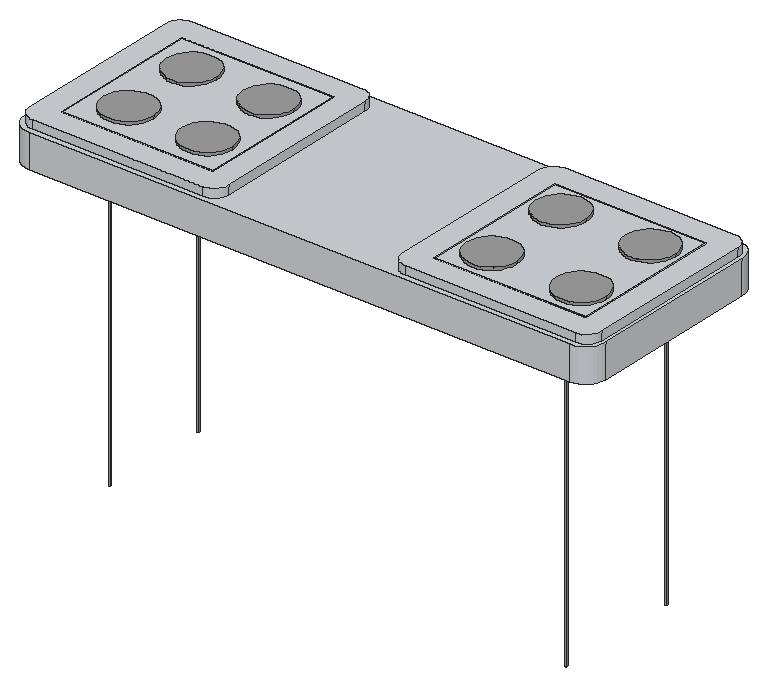
Revit family "Lighting-Industrial-GEWISS-SMART[4]HLO_HIGHBAYS-LED_2M", category Apparecchi per illuminazione, Revit 2019
Family settings
  Quota connettore circolare = Usa diametro
  Tipo di parte = Normale
  Numero OmniClass = 23.80.70.00
  Titolo OmniClass = Lighting
  Basato su piano di lavoro = Sì
  Sempre verticale = No
  Taglio con vuoti quando caricato = No
  Sorgente d'illuminazione = No
  Condiviso = No
  Punto di calcolo locali = No
Parameters (values of type "GWS4222BQ857 - SMART4HB 2M C.PAS.ON/OFF HLO ELL.57K")
  Wiring = "With GW connect watertight connector"
  Weight (kg): = "6,5"
  Warranty = "5 years"
  Voltaggio = 230 V
  Version file RFA = "20.11"
  Unique digital code (Datamatrix) = "Datamatrix"
  Unified Glare Rating = "-"
  URL = "https://www.gewiss.com/ww/en"
  Type of light source = "LED - Not replaceable"
  Tilt- = "With bracket accessory"
  Technical sheet = "https://www.gewiss.com/ww/en/search?q=GWS4222BQ857"
  System power = "125W"
  Supply voltage = "220 - 240 V"
  Stocking temperature = "-40 +70 °C"
  Standards and approvals = "-"
  Standard- = "EN 60598-1 ; EN 60598-2-1 ; EN 60598-2-24"
  Standard Deviation Colour Matching = "SDCM = 3"
  Spostamento_y_etichetta [instance] = 0 mm
  Spostamento_y_effettivo_etichetta [instance] = 1500 mm - Spostamento_y_etichetta  # 1500 mm
  Spostamento_x_etichetta [instance] = 0 mm
  Spostamento_X_effettivo_etichetta [instance] = 1500 mm - Spostamento_x_etichetta  # 1500 mm
  Shock resistance = "IK08"
  Shield type = "Tempered glass Thickness 4mm"
  SEO = "High bay"
  Realized by GEWISS S.p.A. = ""
  Rated frequency (Hz) = "50/60 Hz"
  Produttore = "GEWISS S.p.A."
  Photobiological Risk Class = "RG0"
  Overvoltage protection = "DM 6kV / CM 6kV"
  Optic and illuminating features = "-"
  Optic Maintenance = "Non-replaceable"
  Optic : = "Metallic PC reflector and PMMA lenses"
  Optic = "Elliptical"
  Operating temperature : = "-30°C ÷ +50 °C"
  Offset etichetta W [instance] = 150 mm
  Mouting and installation = "Ceiling - Wallmounting - Suspension"
  Modello = "GWS4222BQ857"
  Maximum surface exposed to the wind : = "0,184 m²"
  Materials = "-"
  Luminaire = "LED Industrial Reflector "
  Lumen output (lm) = "16000"
  Locking Hook = "-"
  Lifetime = "L90B10 (Tq+25°C) = 70.000 h - L90B10 (Tq+50°C) = 35.000 h"
  Lampada = "LED"
  LED Maintenance = "Non-replaceable"
  Insulation class = "I"
  Installationa and maintenance = "-"
  Immagine tipo = GWL1311.jpg
  IPEA = "-"
  IP degree = "IP66"
  IFC.TypeObject = ""
  IFC.ExportType = ""
  IFC.ExportAs = ""
  IDT = "d6c0a54b56be4af78e01cdd4bdcb8af8"
  IDF = "87744efe-63fb-4f16-8ca3-e5681c99f1f6"
  Glow Wire Test : = "850 °C"
  General information = "-"
  Gasket = "anti-aging silicone"
  Fixing = "-"
  External screw = "Stainless steel"
  Etichetta wattaggio [instance] = yes
  Trasformatore = none
  Struttura plafoniera = none
  Spessore plafoniera = 40 mm  # constant formula
  Default Elevation = 1219.2 mm  # constant formula
  Proiettsmart2_simb [instance] = yes
  Plafoniera bidimensionale [instance] = not(Proiettsmart2_simb)  # no
  Eletrical and lighting features = "-"
  Electrocod = "2444"
  Efficiency (lm/W) = "128"
  Driver Box = "Built-in"
  Driver = "Included"
  Device with reduced surface temperature = "Yes"
  Descrizione = "SMART[4]HB 2M C.PAS.ON/OFF HLO ELL.57K"
  DIN 18032-3 certification = "With Bracket - Rope Kit + terminal&nbsp;(in approval)"
  Control System : = "ON / OFF"
  Control System = "ON / OFF"
  Context = "Lighting for industries and sports facilities"
  Commenti sul wattaggio = "97W"
  Colour temperature = "5700K"
  Colour : = "Grey RAL 7035"
  Colour = "Grey RAL 7035"
  Color Rendering Index = "CRI-80"
  Classificazione = Lighting
  Classification: = "-"
  Catalogue = "LIGHTING"
  Carico apparente = 97 VA
  Motore = none
  Mascherina = none
  Lunghezza = 699 mm  # constant formula
  Larghezza = 254 mm  # constant formula
  Distanza_tot_plafoniera [instance] = 350 mm
  Dist_sorg_lum = 10 mm  # constant formula
  COBie.Tagnumber = ""
  COBie.CreatedOn = ""
  COBie.CreatebBy = ""
  COBie.ComponentRegisterItemID = ""
  COBie.Component.TagNumber = ""
  COBie.Component.Space = ""
  COBie.Component.SerialNumber = ""
  COBie.Component.InstallationDate = ""
  COBie.Component.Description = ""
  COBie.Component.BarCode = ""
  Body = "PA6 \"Halogen Free\" loaded fibreglass"
  Application = "Internal"
Types (36, lengths in mm): name | Unified Glare Rating | Technical sheet | SEO | Optic : | Optic | Modello | Lumen output (lm) | IDT | Efficiency (lm/W) | Descrizione | Colour temperature
  GWS4220BA830 - SMART4HB 2M ST.AL.ON/OFF HLO ARR.30K | "-" | "https://www.gewiss.com/ww/en/search?q=GWS4220BA830" | "" | "Metallized polycarbonate reflector" | "Array" | "GWS4220BA830" | "17200" | "24d03d014c0a4d3498f1affdcbeda462" | "138" | "SMART[4]HB 2M ST.AL.ON/OFF HLO ARR.30K" | "3000K"
  GWS4220BA840 - SMART4HB 2M ST.AL.ON/OFF HLO ARR.40K | "-" | "https://www.gewiss.com/ww/en/search?q=GWS4220BA840" | "" | "Metallized polycarbonate reflector" | "Array" | "GWS4220BA840" | "18000" | "81e8a863ca61499da3269fac4440ab1c" | "144" | "SMART[4]HB 2M ST.AL.ON/OFF HLO ARR.40K" | "4000K"
  GWS4220BA857 - SMART4HB 2M ST.AL.ON/OFF HLO ARR.57K | "-" | "https://www.gewiss.com/ww/en/search?q=GWS4220BA857" | "" | "Metallized polycarbonate reflector" | "Array" | "GWS4220BA857" | "18000" | "7f3521a36ad84bc18d65bf198d2a9bdd" | "144" | "SMART[4]HB 2M ST.AL.ON/OFF HLO ARR.57K" | "5700K"
  GWS4220BC830 - SMART4HB 2M ST.AL.ON/OFF HLO ASI.30K | "-" | "https://www.gewiss.com/ww/en/search?q=GWS4220BC830" | "High bay" | "Metallic PC reflector and PMMA lenses" | "Asymmetrical" | "GWS4220BC830" | "15300" | "ba592e983c444e30b732b0e1f686411f" | "122" | "SMART[4]HB 2M ST.AL.ON/OFF HLO ASI.30K" | "3000K"
  GWS4220BC840 - SMART4HB 2M ST.AL.ON/OFF HLO ASI.40K | "-" | "https://www.gewiss.com/ww/en/search?q=GWS4220BC840" | "High bay" | "Metallic PC reflector and PMMA lenses" | "Asymmetrical" | "GWS4220BC840" | "16000" | "98fdf577c3f744edbe488c897f7331d0" | "128" | "SMART[4]HB 2M ST.AL.ON/OFF HLO ASI.40K" | "4000K"
  GWS4220BC857 - SMART4HB 2M ST.AL.ON/OFF HLO ASI.57K | "-" | "https://www.gewiss.com/ww/en/search?q=GWS4220BC857" | "High bay" | "Metallic PC reflector and PMMA lenses" | "Asymmetrical" | "GWS4220BC857" | "16000" | "df0d10ff848e4a35b1c0508332ffa1c0" | "128" | "SMART[4]HB 2M ST.AL.ON/OFF HLO ASI.57K" | "5700K"
  GWS4220BF830 - SMART4HB 2M ST.AL.ON/OFF HLO 30° 30K | "UGR - 19" | "https://www.gewiss.com/ww/en/search?q=GWS4220BF830" | "" | "Metallic PC reflector and PMMA lenses" | "30°" | "GWS4220BF830" | "16800" | "9b4f86a385f04365bf5d1848084e3385" | "134" | "SMART[4]HB 2M ST.AL.ON/OFF HLO 30° 30K" | "3000K"
  GWS4220BF840 - SMART4HB 2M ST.AL.ON/OFF HLO 30° 40K | "UGR - 19" | "https://www.gewiss.com/ww/en/search?q=GWS4220BF840" | "" | "Metallic PC reflector and PMMA lenses" | "30°" | "GWS4220BF840" | "17600" | "0acb9741882f4124b2c72b769f003c05" | "141" | "SMART[4]HB 2M ST.AL.ON/OFF HLO 30° 40K" | "4000K"
  GWS4220BF857 - SMART4HB 2M ST.AL.ON/OFF HLO 30° 57K | "UGR - 19" | "https://www.gewiss.com/ww/en/search?q=GWS4220BF857" | "" | "Metallic PC reflector and PMMA lenses" | "30°" | "GWS4220BF857" | "17600" | "91496396c07540d4a9663451a58793eb" | "141" | "SMART[4]HB 2M ST.AL.ON/OFF HLO 30° 57K" | "5700K"
  GWS4220BH830 - SMART4HB 2M ST.AL.ON/OFF HLO 60° 30K | "UGR - 22" | "https://www.gewiss.com/ww/en/search?q=GWS4220BH830" | "" | "Metallic PC reflector and PMMA lenses" | "60°" | "GWS4220BH830" | "16900" | "dfecee9127624adf91331589a3649d6a" | "135" | "SMART[4]HB 2M ST.AL.ON/OFF HLO 60° 30K" | "3000K"
  GWS4220BH840 - SMART4HB 2M ST.AL.ON/OFF HLO 60° 40K | "UGR - 22" | "https://www.gewiss.com/ww/en/search?q=GWS4220BH840" | "" | "Metallic PC reflector and PMMA lenses" | "60°" | "GWS4220BH840" | "17700" | "1e5c2a38d3b74e2083426e324ecdf826" | "142" | "SMART[4]HB 2M ST.AL.ON/OFF HLO 60° 40K" | "4000K"
  GWS4220BH857 - SMART4HB 2M ST.AL.ON/OFF HLO 60° 57K | "UGR - 22" | "https://www.gewiss.com/ww/en/search?q=GWS4220BH857" | "" | "Metallic PC reflector and PMMA lenses" | "60°" | "GWS4220BH857" | "17700" | "a438571dba0d4dbb97ddd7da8efe13d8" | "142" | "SMART[4]HB 2M ST.AL.ON/OFF HLO 60° 57K" | "5700K"
  GWS4220BP830 - SMART4HB 2M ST.AL.ON/OFF HLO 90° 30K | "UGR - 25" | "https://www.gewiss.com/ww/en/search?q=GWS4220BP830" | "" | "Metallic PC reflector and PMMA lenses" | "90°" | "GWS4220BP830" | "17200" | "f41181f258904c788555baa6c87281e5" | "138" | "SMART[4]HB 2M ST.AL.ON/OFF HLO 90° 30K" | "3000K"
  GWS4220BP840 - SMART4HB 2M ST.AL.ON/OFF HLO 90° 40K | "UGR - 25" | "https://www.gewiss.com/ww/en/search?q=GWS4220BP840" | "" | "Metallic PC reflector and PMMA lenses" | "90°" | "GWS4220BP840" | "18000" | "70351733781d414397dfcd3f69f7ae31" | "144" | "SMART[4]HB 2M ST.AL.ON/OFF HLO 90° 40K" | "4000K"
  GWS4220BP857 - SMART4HB 2M ST.AL.ON/OFF HLO 90° 57K | "UGR - 25" | "https://www.gewiss.com/ww/en/search?q=GWS4220BP857" | "" | "Metallic PC reflector and PMMA lenses" | "90°" | "GWS4220BP857" | "18000" | "aadff2165c4643c3a8714c2f7a425822" | "144" | "SMART[4]HB 2M ST.AL.ON/OFF HLO 90° 57K" | "5700K"
  GWS4220BQ830 - SMART4HB 2M ST.AL.ON/OFF HLO ELL.30K | "-" | "https://www.gewiss.com/ww/en/search?q=GWS4220BQ830" | "High bay" | "Metallic PC reflector and PMMA lenses" | "Elliptical" | "GWS4220BQ830" | "15300" | "9c1f54e1e65a4b89b1495931b2ca54bc" | "122" | "SMART[4]HB 2M ST.AL.ON/OFF HLO ELL.30K" | "3000K"
  GWS4220BQ840 - SMART4HB 2M ST.AL.ON/OFF HLO ELL.40K | "-" | "https://www.gewiss.com/ww/en/search?q=GWS4220BQ840" | "High bay" | "Metallic PC reflector and PMMA lenses" | "Elliptical" | "GWS4220BQ840" | "16000" | "047c150ec136493a8c7594ed9bbf5be2" | "128" | "SMART[4]HB 2M ST.AL.ON/OFF HLO ELL.40K" | "4000K"
  GWS4220BQ857 - SMART4HB 2M ST.AL.ON/OFF HLO ELL.57K | "-" | "https://www.gewiss.com/ww/en/search?q=GWS4220BQ857" | "High bay" | "Metallic PC reflector and PMMA lenses" | "Elliptical" | "GWS4220BQ857" | "16000" | "65e1e2272c6d492fb9228f131457e558" | "128" | "SMART[4]HB 2M ST.AL.ON/OFF HLO ELL.57K" | "5700K"
  GWS4222BA830 - SMART4HB 2M C.PAS.ON/OFF HLO ARR.30K | "-" | "https://www.gewiss.com/ww/en/search?q=GWS4222BA830" | "" | "Metallized polycarbonate reflector" | "Array" | "GWS4222BA830" | "17200" | "1a4eaa3897444e36a3a76e694b90e03b" | "138" | "SMART[4]HB 2M C.PAS.ON/OFF HLO ARR.30K" | "3000K"
  GWS4222BA840 - SMART4HB 2M C.PAS.ON/OFF HLO ARR.40K | "-" | "https://www.gewiss.com/ww/en/search?q=GWS4222BA840" | "" | "Metallized polycarbonate reflector" | "Array" | "GWS4222BA840" | "18000" | "0ca93c9f7c9045e893334bd0f9e562e4" | "144" | "SMART[4]HB 2M C.PAS.ON/OFF HLO ARR.40K" | "4000K"
  GWS4222BA857 - SMART4HB 2M C.PAS.ON/OFF HLO ARR.57K | "-" | "https://www.gewiss.com/ww/en/search?q=GWS4222BA857" | "" | "Metallized polycarbonate reflector" | "Array" | "GWS4222BA857" | "18000" | "979a982cd98f47a4b8e47fc84b34f6ff" | "144" | "SMART[4]HB 2M C.PAS.ON/OFF HLO ARR.57K" | "5700K"
  GWS4222BC830 - SMART4HB 2M C.PAS.ON/OFF HLO ASI.30K | "-" | "https://www.gewiss.com/ww/en/search?q=GWS4222BC830" | "High bay" | "Metallic PC reflector and PMMA lenses" | "Asymmetrical" | "GWS4222BC830" | "15300" | "5210f148fd064117b11f4a473694ee56" | "122" | "SMART[4]HB 2M C.PAS.ON/OFF HLO ASI.30K" | "3000K"
  GWS4222BC840 - SMART4HB 2M C.PAS.ON/OFF HLO ASI.40K | "-" | "https://www.gewiss.com/ww/en/search?q=GWS4222BC840" | "High bay" | "Metallic PC reflector and PMMA lenses" | "Asymmetrical" | "GWS4222BC840" | "16000" | "082fd37b17804584a6454bd896f34976" | "128" | "SMART[4]HB 2M C.PAS.ON/OFF HLO ASI.40K" | "4000K"
  GWS4222BC857 - SMART4HB 2M C.PAS.ON/OFF HLO ASI.57K | "-" | "https://www.gewiss.com/ww/en/search?q=GWS4222BC857" | "High bay" | "Metallic PC reflector and PMMA lenses" | "Asymmetrical" | "GWS4222BC857" | "16000" | "74f3209b436046fca64abd47b3928625" | "128" | "SMART[4]HB 2M C.PAS.ON/OFF HLO ASI.57K" | "5700K"
  GWS4222BF830 - SMART4HB 2M C.PAS.ON/OFF HLO 30° 30K | "UGR - 19" | "https://www.gewiss.com/ww/en/search?q=GWS4222BF830" | "" | "Metallic PC reflector and PMMA lenses" | "30°" | "GWS4222BF830" | "16800" | "2830fdbed2144c46a92d35b9d68d5526" | "134" | "SMART[4]HB 2M C.PAS.ON/OFF HLO 30° 30K" | "3000K"
  GWS4222BF840 - SMART4HB 2M C.PAS.ON/OFF HLO 30° 40K | "UGR - 19" | "https://www.gewiss.com/ww/en/search?q=GWS4222BF840" | "" | "Metallic PC reflector and PMMA lenses" | "30°" | "GWS4222BF840" | "17600" | "2d41e6448359410f84725a9c7e448fc2" | "141" | "SMART[4]HB 2M C.PAS.ON/OFF HLO 30° 40K" | "4000K"
  GWS4222BF857 - SMART4HB 2M C.PAS.ON/OFF HLO 30° 57K | "UGR - 19" | "https://www.gewiss.com/ww/en/search?q=GWS4222BF857" | "" | "Metallic PC reflector and PMMA lenses" | "30°" | "GWS4222BF857" | "17600" | "0d3fcac53db74395864c46d30daf92ae" | "141" | "SMART[4]HB 2M C.PAS.ON/OFF HLO 30° 57K" | "5700K"
  GWS4222BH830 - SMART4HB 2M C.PAS.ON/OFF HLO 60° 30K | "UGR - 22" | "https://www.gewiss.com/ww/en/search?q=GWS4222BH830" | "" | "Metallic PC reflector and PMMA lenses" | "60°" | "GWS4222BH830" | "16900" | "7b61570fa0214a46b9b5449d70670370" | "135" | "SMART[4]HB 2M C.PAS.ON/OFF HLO 60° 30K" | "3000K"
  GWS4222BH840 - SMART4HB 2M C.PAS.ON/OFF HLO 60° 40K | "UGR - 22" | "https://www.gewiss.com/ww/en/search?q=GWS4222BH840" | "" | "Metallic PC reflector and PMMA lenses" | "60°" | "GWS4222BH840" | "17700" | "abd8e9a36f2141b68ff8d1c1f3789db1" | "142" | "SMART[4]HB 2M C.PAS.ON/OFF HLO 60° 40K" | "4000K"
  GWS4222BH857 - SMART4HB 2M C.PAS.ON/OFF HLO 60° 57K | "UGR - 22" | "https://www.gewiss.com/ww/en/search?q=GWS4222BH857" | "" | "Metallic PC reflector and PMMA lenses" | "60°" | "GWS4222BH857" | "17700" | "0e7869c85aeb496f8c17a2ba1c742449" | "142" | "SMART[4]HB 2M C.PAS.ON/OFF HLO 60° 57K" | "5700K"
  GWS4222BP830 - SMART4HB 2M C.PAS.ON/OFF HLO 90° 30K | "UGR - 25" | "https://www.gewiss.com/ww/en/search?q=GWS4222BP830" | "" | "Metallic PC reflector and PMMA lenses" | "90°" | "GWS4222BP830" | "17200" | "1a70013f625240e9a308e4ba2e3b9218" | "138" | "SMART[4]HB 2M C.PAS.ON/OFF HLO 90° 30K" | "3000K"
  GWS4222BP840 - SMART4HB 2M C.PAS.ON/OFF HLO 90° 40K | "UGR - 25" | "https://www.gewiss.com/ww/en/search?q=GWS4222BP840" | "" | "Metallic PC reflector and PMMA lenses" | "90°" | "GWS4222BP840" | "18000" | "09276a53f66448a08fef41358c5d695d" | "144" | "SMART[4]HB 2M C.PAS.ON/OFF HLO 90° 40K" | "4000K"
  GWS4222BP857 - SMART4HB 2M C.PAS.ON/OFF HLO 90° 57K | "UGR - 25" | "https://www.gewiss.com/ww/en/search?q=GWS4222BP857" | "" | "Metallic PC reflector and PMMA lenses" | "90°" | "GWS4222BP857" | "18000" | "5ef7d065459643d6b1807ca7f614a277" | "144" | "SMART[4]HB 2M C.PAS.ON/OFF HLO 90° 57K" | "5700K"
  GWS4222BQ830 - SMART4HB 2M C.PAS.ON/OFF HLO ELL.30K | "-" | "https://www.gewiss.com/ww/en/search?q=GWS4222BQ830" | "High bay" | "Metallic PC reflector and PMMA lenses" | "Elliptical" | "GWS4222BQ830" | "15300" | "0b487fdbf8fe4b668c181e8ccf1c5bfe" | "122" | "SMART[4]HB 2M C.PAS.ON/OFF HLO ELL.30K" | "3000K"
  GWS4222BQ840 - SMART4HB 2M C.PAS.ON/OFF HLO ELL.40K | "-" | "https://www.gewiss.com/ww/en/search?q=GWS4222BQ840" | "High bay" | "Metallic PC reflector and PMMA lenses" | "Elliptical" | "GWS4222BQ840" | "16000" | "f5ee89a9580b4c9eadddabb959193868" | "128" | "SMART[4]HB 2M C.PAS.ON/OFF HLO ELL.40K" | "4000K"
  GWS4222BQ857 - SMART4HB 2M C.PAS.ON/OFF HLO ELL.57K | "-" | "https://www.gewiss.com/ww/en/search?q=GWS4222BQ857" | "High bay" | "Metallic PC reflector and PMMA lenses" | "Elliptical" | "GWS4222BQ857" | "16000" | "d6c0a54b56be4af78e01cdd4bdcb8af8" | "128" | "SMART[4]HB 2M C.PAS.ON/OFF HLO ELL.57K" | "5700K"
Reference planes
  plane 1 "Asse sorgente illuminazione (F/B)": y = 0
  plane 2: z = 0
  plane 3 "Asse sorgente illuminazione (L/R)": x = 0
  plane 4 "Prospetto sorgente di illuminazione": z = 1500
  plane 5: x = -349.5
  plane 6: y = 127
  plane 7: x = 349.5
  plane 8: y = -127
  plane 9: x = 344.5
  plane 10: x = -344.5
  plane 11: x = -104.5
  plane 12: x = 104.5
  plane 13: y = -1500
  plane 14: z = 390
  plane 15: z = 390
  plane 16: z = 400
  plane 17: z = 350
  plane 18: y = 0
  plane 19: x = -1500
  plane 20: x = 0
Dimensions and locks
  equal spacing: plane 6, plane 1 "Asse sorgente illuminazione (F/B)", plane 8
  "Larghezza": plane 6 to plane 8
  equal spacing: plane 5, plane 3 "Asse sorgente illuminazione (L/R)", plane 7
  "Lunghezza": plane 5 to plane 7
  locked: plane 5 to plane 10 at 5
  locked: plane 9 to plane 7 at 5
  locked: plane 16 to plane 14 at 10
  locked: plane 15 to plane 17 at 40
  "Distanza_tot_plafoniera": plane 17 to plane 2
  plane 1 "Asse sorgente illuminazione (F/B)" to plane 13 = 1500 mm
  "Spostamento_y_effettivo_etichetta": plane 18 to plane 13
  plane 19 to plane 3 "Asse sorgente illuminazione (L/R)" = 1500 mm
  "Spostamento_X_effettivo_etichetta": plane 19 to plane 20
  aligned and locked: level to plane 2
  aligned and locked: nested 15 to plane 14
  aligned and locked: plane 14 to nested 16
  aligned and locked: plane 16 to nested 8
  aligned and locked: nested 6 to plane 16
  aligned and locked: plane 16 to nested 7
  aligned and locked: nested 5 to plane 16
  aligned and locked: nested 3 to plane 16
  aligned and locked: plane 16 to nested 1
  aligned and locked: nested 4 to plane 16
  aligned and locked: plane 16 to nested 2
  aligned and locked: nested 11 to plane 2  (x2)
  aligned and locked: nested 10 to plane 2
  aligned and locked: nested 9 to plane 2
  aligned and locked: plane 14 to plane 15
  aligned and locked: plane 17 to nested 14
  aligned and locked: nested 17 to plane 18
  aligned and locked: nested 17 to plane 20
  aligned and locked: plane 2 to nested 18
  aligned and locked: plane 2 to nested 11
Nested families
  nested 1: "Gewis - Led" at (171.717, 52, 403), type "Gewis - Led", detail levels medium+fine
  nested 2: "Gewis - Led" at (279.5, 52, 403), type "Gewis - Led", detail levels medium+fine
  nested 3: "Gewis - Led" at (171.717, -52, 403), type "Gewis - Led", detail levels medium+fine
  nested 4: "Gewis - Led" at (279.5, -52, 403), type "Gewis - Led", detail levels medium+fine
  nested 5: "Gewis - Led" at (-174.5, 45, 403) x (-1, 0, 0) z (0, 0, 1), type "Gewis - Led", detail levels medium+fine
  nested 6: "Gewis - Led" at (-269.5, 47.625, 403) x (-1, 0, 0) z (0, 0, 1), type "Gewis - Led", detail levels medium+fine
  nested 7: "Gewis - Led" at (-174.5, -47.089, 403) x (-1, 0, 0) z (0, 0, 1), type "Gewis - Led", detail levels medium+fine
  nested 8: "Gewis - Led" at (-269.5, -47.089, 403) x (-1, 0, 0) z (0, 0, 1), type "Gewis - Led", detail levels medium+fine
  nested 9: "Sospensione_ SMART LAB 4" at (274.838, 81.5, 0), Altezza sospensione <- "Distanza_tot_plafoniera", type "Sospensione_ SMART LAB 4"
    with Altezza sospensione 350 mm, Default Elevation 350 mm
  nested 10: "Sospensione_ SMART LAB 4" at (274.838, -69, 0), Altezza sospensione <- "Distanza_tot_plafoniera", type "Sospensione_ SMART LAB 4"
    with Altezza sospensione 350 mm, Default Elevation 350 mm
  nested 11: "Sospensione_ SMART LAB 4" at (-276.662, -66.5, 0), Altezza sospensione <- "Distanza_tot_plafoniera", type "Sospensione_ SMART LAB 4"
    with Altezza sospensione 350 mm, Default Elevation 350 mm
  nested 12: "PROIETTSMART - 2" at (0, 0, 0), visible <- "Proiettsmart2_simb", type "PROIETTSMART - 2"
  nested 13: "Rappr_ bidimensionale_SMART (4)  4 + 4 L " at (0, 0, 0), visible <- "Plafoniera bidimensionale", type "SMART (4)  4 + 4 L_bidimensionale "
  nested 14: "Struttura_SMART 4" at (0, 0, 390), type "SMART 4 HB - 4+4L"
  nested 15: "mascherina_SMART (4)" at (-224.5, 0, 400) x (-1, 0, 0) z (0, 0, 1), type "Maschera_smart (4) 4L", detail levels fine
  nested 16: "mascherina_SMART (4)" at (224.5, 0, 400), type "Maschera_smart (4) 4L", detail levels fine
  nested 17: "ETICHETTA LIGHT" at (0, 0, 0), type "ETICHETTA LIGHT"
  nested 18: "Sospensione_ SMART LAB 4" at (-276.662, 66.5, 0), Altezza sospensione <- "Distanza_tot_plafoniera", type "Sospensione_ SMART LAB 4"
    with Altezza sospensione 350 mm, Default Elevation 350 mm
Connectors
  electrical at (0.009, -0.098, 350), driven by "Carico apparente"
    settings: on nested 14, index 1, voltage 230 V, apparent load 0 VA, apparent load phase1 97 VA, apparent load phase2 0 VA, apparent load phase3 0 VA, power factor 1, load classification "Lighting", number of poles 2, system type 31, power factor state 1, is connector primary yes, connector utility no, sub classification motor no, connector description ""
Definition of nested family "Gewis - Led"
  Parameters (values of type "Gewis - Led")
    Vetro = none
    Raggio led = 30 mm
    Default Elevation = 1219.2 mm
    Estensione vetro = 3 mm
  Reference planes
    plane 1 "Centro (Fronte/Retro)": y = 0
    plane 2: z = 0
    plane 3 "Centro (Sinistra/Destra)": x = 0
  Forms (mm)
    Extrusion 1, solid, material <- "Vetro"
      sketch origin (0, 0, 0) x (1, 0, 0) y (0, 1, 0)
        loop
          circle (0, 0) r 30
      from -3 to 0
  Dimensions and locks
    "Estensione vetro": level to Extrusion 1
    "Raggio led": radius of Extrusion 1 sketch curve
    aligned and locked: level to plane 2
    aligned and locked: level to Extrusion 1
  Automatic sketch dimensions
    plane 1 "Centro (Fronte/Retro)" to Extrusion 1 sketch curve = 0 mm
    Extrusion 1 sketch curve to plane 3 "Centro (Sinistra/Destra)" = 0 mm
Definition of nested family "Sospensione_ SMART LAB 4"
  Parameters (values of type "Sospensione_ SMART LAB 4")
    Default Elevation = 400 mm
    Altezza sospensione [instance] = 500 mm
  Reference planes
    plane 1 "Center (Front/Back)": y = 0
    plane 2: z = 0
    plane 3 "Center (Left/Right)": x = 0
    plane 4: z = 500
    plane 5: z = 30.7
  Forms (mm)
    Extrusion 1, solid
      sketch origin (0, 0, 0) x (1, 0, 0) y (0, 1, 0)
        loop
          circle (0, -0.028) r 1.25
      from 0 to 500
  Lines and regions (mm)
    model lines, not visible
      curve 1: line (0, 0, 0) -> (0, 0, 9.482)
  Dimensions and locks
    "Altezza sospensione": plane 4 to level
    plane 2 to plane 4 = 500 mm
    aligned and locked: level to plane 2
    aligned and locked: Extrusion 1 to plane 2
    aligned and locked: plane 4 to Extrusion 1
  Automatic sketch dimensions
    Extrusion 1 sketch curve to plane 3 "Center (Left/Right)" = 0 mm
    plane 1 "Center (Front/Back)" to Extrusion 1 sketch curve = 0.028 mm
    curve 1 to plane 3 "Center (Left/Right)" = 0 mm
    curve 1 to level = 0 mm
    curve 1 to curve 1 = 9.482 mm
    radius of Extrusion 1 sketch curve = 1.25 mm
Definition of nested family "Struttura_SMART 4"
  Parameters (values of type "SMART 4 HB - 4+4L")
    Struttura plafoniera = none
    Spessore_plafoniera = 40 mm
    Lunghezza = 699 mm
    Larghezza = 254 mm
  Types (2, lengths in mm): name | Lunghezza | Larghezza
    SMART Lab (4) 4L | 383 | 253
    SMART 4 HB - 4+4L | 699 | 254
  Reference planes
    plane 1 "Asse sorgente illuminazione (F/B)": y = 0
    plane 2: z = 0
    plane 3 "Asse sorgente illuminazione (L/R)": x = 0
    plane 4 "Prospetto sorgente di illuminazione": z = -40
    plane 5 "SX": x = -349.5
    plane 6 "DX": x = 349.5
    plane 7 "DIETRO": y = 127
    plane 8 "AVANTI": y = -127
    plane 9: x = 106.5
    plane 10: x = 338.5
    plane 11: y = -116
    plane 12: y = 116
    plane 13: x = -338.5
    plane 14: x = -106.5
  Forms (mm)
    Extrusion 1, solid, material <- "Struttura plafoniera"
      sketch origin (0, 0, 0) x (1, 0, 0) y (0, 1, 0)
        loop
          line (349.5, -102.595) -> (349.5, 102.59)
          arc (349.5, 102.59) -> (342.35, 119.85) -> (325.09, 127) r 24.41
          line (325.09, 127) -> (-325.009, 127)
          arc (-325.009, 127) -> (-342.554, 119.6) -> (-349.5, 101.871) r 24.499
          line (-349.5, 101.871) -> (-349.5, -102.592)
          arc (-349.5, -102.592) -> (-342.351, -119.851) -> (-325.092, -127) r 24.408
          line (-325.092, -127) -> (325.117, -127)
          arc (325.117, -127) -> (342.334, -119.868) -> (349.465, -102.652) r 24.348
      from -40 to 0
  Dimensions and locks
    equal spacing: plane 5 "SX", plane 3 "Asse sorgente illuminazione (L/R)", plane 6 "DX"
    equal spacing: plane 7 "DIETRO", plane 1 "Asse sorgente illuminazione (F/B)", plane 8 "AVANTI"
    "Lunghezza": plane 5 "SX" to plane 6 "DX"
    "Larghezza": plane 7 "DIETRO" to plane 8 "AVANTI"
    locked: plane 7 "DIETRO" to plane 12 at 11
    locked: plane 11 to plane 8 "AVANTI" at 11
    locked: plane 10 to plane 6 "DX" at 11
    locked: plane 9 to plane 10 at 232
    plane 13 to plane 14 = 232 mm
    locked: plane 5 "SX" to plane 13 at 11
    "Spessore_plafoniera": plane 2 to plane 4 "Prospetto sorgente di illuminazione"
    aligned and locked: level to plane 2
    aligned and locked: Extrusion 1 to plane 5 "SX"
    aligned and locked: Extrusion 1 to plane 8 "AVANTI"  (x2)
    aligned and locked: plane 7 "DIETRO" to Extrusion 1
    aligned and locked: plane 6 "DX" to Extrusion 1
    aligned and locked: plane 4 "Prospetto sorgente di illuminazione" to Extrusion 1
    aligned and locked: plane 2 to Extrusion 1
  Automatic sketch dimensions
    Extrusion 1 sketch curve to plane 5 "SX" = 0 mm
    Extrusion 1 sketch curve to plane 8 "AVANTI" = 0 mm
    Extrusion 1 sketch curve to plane 7 "DIETRO" = 0 mm
    Extrusion 1 sketch curve to plane 6 "DX" = 0 mm
    plane 13 to Extrusion 1 sketch curve = 13.408 mm
    plane 13 to Extrusion 1 sketch curve = 13.491 mm
    Extrusion 1 sketch curve to plane 10 = 13.41 mm
    Extrusion 1 sketch curve to plane 10 = 13.383 mm
    plane 11 to Extrusion 1 sketch curve = 13.348 mm
    Extrusion 1 sketch curve to plane 12 = 14.129 mm
    Extrusion 1 sketch curve to Extrusion 1 sketch curve = 0.056 mm
Definition of nested family "mascherina_SMART (4)"
  Parameters (values of type "Maschera_smart (4) 4L")
    Spessore_mascherina = 10 mm
    Default Elevation = 1219.2 mm
    N.intarsi = (Lunghezza_mascherina - (Bordo * 2)) / 15 mm  # 12
    N._intarsi verticale = (Larghezza_mascherina - (Bordo * 2)) / 17 mm  # 11
    Mascherina = none
    Lunghezza_mascherina = 240 mm
    Larghezza_mascherina = 240 mm
    Distanza_intarsi v. = 41 mm  # constant formula
    Distanza_intarsi = 37 mm  # constant formula
    Bordo = 29 mm
  Reference planes
    plane 1 "Centro (Fronte/Retro)": y = 0
    plane 2: z = 0
    plane 3 "Centro (Sinistra/Destra)": x = 0
    plane 4: x = -120
    plane 5 "Dietro": y = 120
    plane 6: x = 120
    plane 7: y = -120
    plane 8: x = -91
    plane 9: y = -91
    plane 10: x = 91
    plane 11: y = 91
    plane 12: x = -83
    plane 13: y = 94.742
    plane 14: y = -95
    plane 15: z = -10
    plane 16: x = -95
    plane 17: y = 79
    plane 18: y = -79
    plane 19: x = 95
    plane 20: z = -4.799
  Forms (mm)
    Extrusion 1, solid, material <- "Mascherina"
      sketch origin (0, 0, 0) x (1, 0, 0) y (0, 1, 0)
        loop
          arc (-102.5, 120) -> (-114.874, 114.874) -> (-120, 102.5) r 17.5
          line (-120, 102.5) -> (-120, -102.5)
          arc (-120, -102.5) -> (-114.874, -114.874) -> (-102.5, -120) r 17.5
          line (-102.5, -120) -> (102.5, -120)
          arc (102.5, -120) -> (114.874, -114.874) -> (120, -102.5) r 17.5
          line (120, -102.5) -> (120, 102.5)
          arc (120, 102.5) -> (114.874, 114.874) -> (102.5, 120) r 17.5
          line (102.5, 120) -> (-102.5, 120)
        loop
          line (-91, 91) -> (-91, -91) -> (91, -91) -> (91, 91) -> (-91, 91)
      from -10 to 0
    Extrusion 2, solid, material <- "Mascherina"
      sketch origin (0, 0, 0) x (1, 0, 0) y (0, 1, 0)
        loop
          line (-91, 91) -> (-91, -91) -> (91, -91) -> (91, 91) -> (-91, 91)
      from -4.799 to 0
  Dimensions and locks
    equal spacing: plane 4, plane 3 "Centro (Sinistra/Destra)", plane 6
    "Lunghezza_mascherina": plane 4 to plane 6
    equal spacing: plane 5 "Dietro", plane 1 "Centro (Fronte/Retro)", plane 7
    "Larghezza_mascherina": plane 5 "Dietro" to plane 7
    "Bordo": plane 4 to plane 8
    "Bordo": plane 9 to plane 7
    "Bordo": plane 5 "Dietro" to plane 11
    "Bordo": plane 10 to plane 6
    "Distanza_intarsi": plane 4 to plane 12
    locked: plane 13 to plane 11 at 3.742
    "Spessore_mascherina": plane 2 to plane 15
    "Distanza_intarsi v.": plane 5 "Dietro" to plane 17
    "Distanza_intarsi v.": plane 18 to plane 7
    locked: plane 9 to plane 14 at 4
    locked: plane 16 to plane 8 at 4
    locked: plane 10 to plane 19 at 4
    locked: plane 2 to plane 20 at 4.799
    radius of Extrusion 1 sketch curve = 17.5 mm  (x4)
    aligned and locked: level to plane 2
    aligned and locked: plane 4 to Extrusion 1 sketch curve
    aligned and locked: plane 6 to Extrusion 1 sketch curve
    aligned and locked: Extrusion 1 sketch curve to plane 5 "Dietro"
    aligned and locked: Extrusion 1 sketch curve to plane 7
    aligned and locked: Extrusion 1 sketch curve to plane 11
    aligned and locked: plane 8 to Extrusion 1 sketch curve
    aligned and locked: plane 9 to Extrusion 1 sketch curve
    aligned and locked: Extrusion 1 sketch curve to plane 10
    aligned and locked: plane 2 to Extrusion 1
    aligned and locked: Extrusion 1 to plane 15
    aligned and locked: Extrusion 2 sketch curve to plane 10
    aligned and locked: plane 9 to Extrusion 2 sketch curve
    aligned and locked: plane 8 to Extrusion 2 sketch curve
    aligned and locked: Extrusion 2 sketch curve to plane 11
    aligned and locked: plane 2 to Extrusion 2
    aligned and locked: Extrusion 2 to plane 20
Definition of nested family "PROIETTSMART - 2"
  Reference planes
    plane 1 "Centro (Fronte/Retro)": y = 0
    plane 2: z = 0
    plane 3 "Centro (Sinistra/Destra)": x = 0
  Lines and regions (mm)
    model lines, in view "Livello rif."
      curve 1: line (87.132, -21.515, 0) -> (43.932, -0.008, 0)
      curve 2: line (43.932, -0.008, 0) -> (87.132, 21.758, 0)
      curve 3: line (87.132, 21.758, 0) -> (87.132, -21.515, 0)
      curve 4: line (43.932, 21.629, 0) -> (43.932, -21.645, 0)
      curve 5: line (43.932, -0.008, 0) -> (18.672, -0.008, 0)
      curve 6: line (87.132, 0.122, 0) -> (105.785, 0.122, 0)
      curve 7: line (128.701, 66.747, 0) -> (128.701, -66.747, 0)
      curve 8: line (128.701, -66.747, 0) -> (-131.299, -66.747, 0)
      curve 9: line (-131.299, -66.747, 0) -> (-131.299, 66.747, 0)
      curve 10: line (-131.299, 66.747, 0) -> (128.701, 66.747, 0)
      curve 11: line (12.311, 49.667, 0) -> (111.66, 49.667, 0)
      curve 12: line (111.66, 49.667, 0) -> (111.66, -49.683, 0)
      curve 13: line (111.66, -49.683, 0) -> (12.311, -49.683, 0)
      curve 14: line (12.311, -49.683, 0) -> (12.311, 49.667, 0)
      curve 15: line (-39.438, -21.515, 0) -> (-82.637, -0.008, 0)
      curve 16: line (-82.637, -0.008, 0) -> (-39.438, 21.758, 0)
      curve 17: line (-39.438, 21.758, 0) -> (-39.438, -21.515, 0)
      curve 18: line (-82.637, 21.629, 0) -> (-82.637, -21.645, 0)
      curve 19: line (-82.637, -0.008, 0) -> (-107.898, -0.008, 0)
      curve 20: line (-39.438, 0.122, 0) -> (-20.785, 0.122, 0)
      curve 21: line (-114.259, 49.667, 0) -> (-14.909, 49.667, 0)
      curve 22: line (-14.909, 49.667, 0) -> (-14.909, -49.683, 0)
      curve 23: line (-14.909, -49.683, 0) -> (-114.259, -49.683, 0)
      curve 24: line (-114.259, -49.683, 0) -> (-114.259, 49.667, 0)
Definition of nested family "Rappr_ bidimensionale_SMART (4)  4 + 4 L "
  Reference planes
    plane 1 "Centro (Fronte/Retro)": y = 0
    plane 2: z = 0
    plane 3 "Centro (Sinistra/Destra)": x = 0
  Lines and regions (mm)
    model lines, in view "Livello rif."
      curve 1: circle (175.602, 47.039, 0) r 28.619 normal (0, 0, 1)
      curve 2: circle (269.602, -46.961, 0) r 28.619 normal (0, 0, 1)
      curve 3: circle (175.602, -46.961, 0) r 28.619 normal (0, 0, 1)
      curve 4: circle (269.602, 47.039, 0) r 28.619 normal (0, 0, 1)
      curve 5: arc (103.203, -104.051, 0) -> (107.722, -114.924, 0) -> (118.601, -119.425, 0) r 15.398
      curve 6: arc (-118.547, -119.425, 0) -> (-107.659, -114.915, 0) -> (-103.149, -104.027, 0) r 15.398
      curve 7: arc (-103.149, 103.973, 0) -> (-107.668, 114.87, 0) -> (-118.571, 119.371, 0) r 15.398
      curve 8: arc (-326.571, 119.371, 0) -> (-337.453, 114.844, 0) -> (-341.945, 103.948, 0) r 15.398
      curve 9: arc (-341.945, -104.002, 0) -> (-337.444, -114.906, 0) -> (-326.547, -119.425, 0) r 15.398
      curve 10: arc (326.601, -119.425, 0) -> (337.498, -114.906, 0) -> (342, -104.002, 0) r 15.398
      curve 11: arc (342, 103.998, 0) -> (337.472, 114.878, 0) -> (326.577, 119.371, 0) r 15.398
      curve 12: arc (118.577, 119.371, 0) -> (107.713, 114.861, 0) -> (103.203, 103.997, 0) r 15.398
      curve 13: arc (-349.401, -104, 0) -> (-342.727, -120.168, 0) -> (-326.575, -126.881, 0) r 22.854
      curve 14: arc (-326.574, 126.827, 0) -> (-342.707, 120.133, 0) -> (-349.401, 104, 0) r 22.854
      curve 15: arc (349.455, 104, 0) -> (342.742, 120.152, 0) -> (326.574, 126.827, 0) r 22.854
      curve 16: arc (326.573, -126.881, 0) -> (342.761, -120.187, 0) -> (349.455, -104, 0) r 22.854
      curve 17: circle (-175.548, -47.093, 0) r 28.619 normal (0, 0, 1)
      curve 18: circle (-269.548, 46.907, 0) r 28.619 normal (0, 0, 1)
      curve 19: circle (-175.548, 46.907, 0) r 28.619 normal (0, 0, 1)
      curve 20: circle (-269.548, -47.093, 0) r 28.619 normal (0, 0, 1)
      curve 21: line (130.101, -92.527, 0) -> (130.101, 92.473, 0)
      curve 22: line (130.101, 92.473, 0) -> (315.101, 92.473, 0)
      curve 23: line (315.101, 92.473, 0) -> (315.101, -92.527, 0)
      curve 24: line (315.101, -92.527, 0) -> (130.101, -92.527, 0)
      curve 25: line (103.203, -104.051, 0) -> (103.203, 103.997, 0)
      curve 26: line (118.601, -119.425, 0) -> (326.601, -119.425, 0)
      curve 27: line (-326.547, -119.425, 0) -> (-118.547, -119.425, 0)
      curve 28: line (-103.149, -104.027, 0) -> (-103.149, 103.973, 0)
      curve 29: line (-326.571, 119.371, 0) -> (-118.571, 119.371, 0)
      curve 30: line (-341.945, -104.002, 0) -> (-341.945, 103.948, 0)
      curve 31: line (342, -104.002, 0) -> (342, 103.998, 0)
      curve 32: line (118.577, 119.371, 0) -> (326.577, 119.371, 0)
      curve 33: line (-349.401, -104, 0) -> (-349.401, 104, 0)
      curve 34: line (326.574, 126.827, 0) -> (-326.574, 126.827, 0)
      curve 35: line (349.455, -104, 0) -> (349.455, 104, 0)
      curve 36: line (326.573, -126.881, 0) -> (-326.575, -126.881, 0)
      curve 37: line (-130.047, -92.527, 0) -> (-315.047, -92.527, 0)
      curve 38: line (-315.047, -92.527, 0) -> (-315.047, 92.473, 0)
      curve 39: line (-315.047, 92.473, 0) -> (-130.047, 92.473, 0)
      curve 40: line (-130.047, 92.473, 0) -> (-130.047, -92.527, 0)
Definition of nested family "ETICHETTA LIGHT"
  Parameters (values of type "ETICHETTA LIGHT")
    COMMENTI = "236W"
  Reference planes
    plane 1: y = 0
    plane 2: x = 0
  Text (mm)
    label "COMMENTI" at (-0.057, 0.105, 0), shows "COMMENTI"
